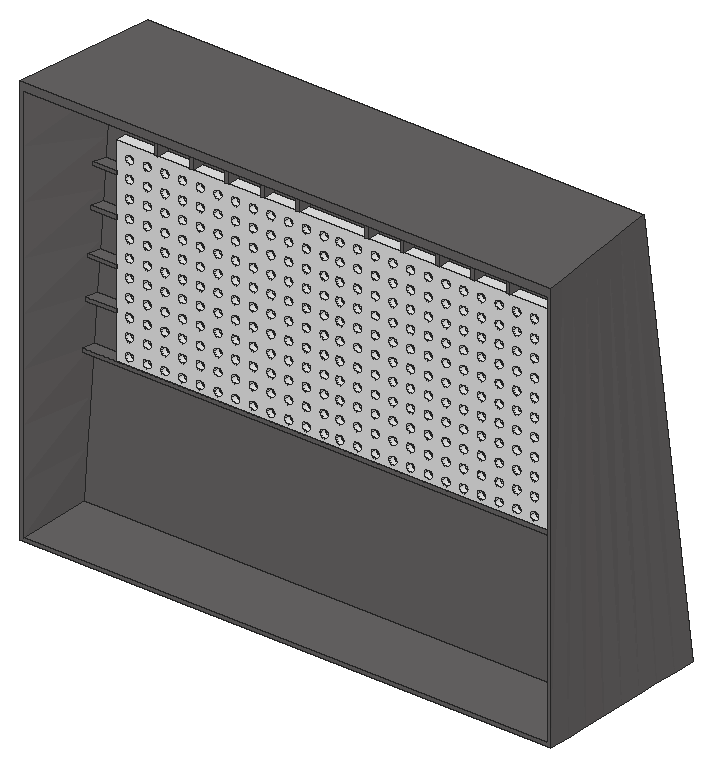
Revit family "RWL2", category Lighting Fixtures, host Face, Revit 2014
Parameters (values of type "RWL2")
  zz Length 2 = 23.70"
  zz Length 1 = 23.70"
  Watts = 109 W
  Wattage = 109 W
  Warranty = "Five year warranty"  # constant formula
  built-in parameter 1150110 = 1 (stored number, unit not read)
  Voltage = 120 V
  built-in parameter 1114217 = 1 (stored number, unit not read)
  Tilt Angle = 60.00°
  built-in parameter 1150109 = 1 (stored number, unit not read)
  built-in parameter 1150134 = 3
  built-in parameter 1150113 = 1 (stored number, unit not read)
  Power Factor = 1
  Photometric Web Link = "https://www.hubbell.com/hubbelllightingci/en/Products/Lighting-Controls/Commercial-Outdoor-Lighting/Wall-Mount/RWL2-Ratio/p/7823705#prod-photometry-section"
  Photometric Web File = "RWL2-160L-115-3K7-2.ies"
  Photometric Note = "For more Photometrics Please vist above Link"  # constant formula
  built-in parameter 1150105 = 1127.6 (stored number, unit not read)
  Lumens = 14170 lm
  built-in parameter 1150115 = 1 (stored number, unit not read)
  built-in parameter 1150137 = (empty or 0)
  built-in parameter 1150139 = (empty or 0)
  built-in parameter 1150112 = 1 (stored number, unit not read)
  built-in parameter 1150114 = 1 (stored number, unit not read)
  built-in parameter 1150132 = (empty or 0)
  built-in parameter 1150102 = (empty or 0)
  built-in parameter 1150107 = 3200 (stored number, unit not read)
  built-in parameter 1150138 = (empty or 0)
  built-in parameter 1150106 = 11.276 (stored number, unit not read)
  Housing = Paint - Hubbell - Textured Camera Black
  Features = "Mid-size for mounting heights up to 25ft and spacing up to 100ft\r\nFeaturing Micro Strike Optics which maximizes target zone illumination with minimal losses at the house-side,reducing light trespass issues.\r\nVisual comfort standard\r\nMicro Strike optics in Type 2, 3, and 4W distributions\r\nMatching rectilinear form to the Ratio Family\r\nVersatile mounting for multiple lighting applications\r\nLarge variety of wattages to target specific lumen outputs\r\nControl options including photo control, occupancy sensing,NX Distributed Intelligence™ and 7-Pin with networked controls"  # constant formula
  Load Classification = Lighting
  Wattage Comments = "46W to 157W"  # constant formula
  URL = "https://www.hubbell.com/hubbelllightingci/en/Products/Lighting-Controls/Commercial-Indoor-Lighting"
  Product Page URL = "https://www.hubbell.com/hubbelllightingci/en/Products/Lighting-Controls/Commercial-Outdoor-Lighting/Wall-Mount/RWL2-Ratio/p/7823705"
  Product Documentation Link = "https://hubbellcdn.com/specsheet/Ratio_Wall_Spec_Sheet.pdf"
  Model = "RWL2"  # constant formula
  Manufacturer = "Hubbell Outdoor Lighting"  # constant formula
  Lamp = "LED Lamp"  # constant formula
  Opal lens = Hubbell - White Glass
  built-in parameter 1150104 = 12.077 (stored number, unit not read)
  Dimming Lamp Color Temperature Shift = <None>
  Description = "RWL2 Ratio"  # constant formula
  Default Elevation = 48.00"
  Copyright = "© 2021 Hubbell Lighting"  # constant formula
  Contact us = "https://www.hubbell.com/hubbelllightingci/en/contactUs"
  Material Finish = Paint  - Hubbell - White
  Color Filter = 16777215
  built-in parameter 1114218 = 1 (stored number, unit not read)
  built-in parameter 1150133 = 10 (stored number, unit not read)
  Assembly Code = "D5020200"
  Apparent Load = Watts / Power Factor  # 109 VA
Reference planes (in)
  plane 1 "Center (Front/Back)": y = 13.01342
  plane 2: z = 0
  plane 3 "Center (Left/Right)": x = 0
  plane 4: z = 0.25
  plane 5: z = 0.125
  plane 6: z = -0.375
  plane 7: z = -2.25
  plane 8: x = 7.49844
  plane 9: x = -7.49844
  plane 10: x = -6.99844
  plane 11: x = 6.99844
  plane 12: y = 18.01342
  plane 13: y = 16.91342
  plane 14: z = 11.625
Forms (in)
  Blend 1, solid, material "Paint - Hubbell - Textured Camera Black" <- "Housing"
    base sketch origin (0, 0, 0) x (1, 0, 0) y (0, 1, 0)
      loop
        line (-7.49844, 13.01342) -> (7.49844, 13.01342) -> (7.49844, 18.01342) -> (-7.49844, 18.01342) -> (-7.49844, 13.01342)
    top sketch origin (0, 0, 0) x (1, 0, 0) y (0, 1, 0)
      loop
        line (-7.49844, 13.01342) -> (7.49844, 13.01342) -> (6.99844, 16.91342) -> (-6.99844, 16.91342) -> (-7.49844, 13.01342)
    from 0 to 11.625
  Blend 2, void
    base sketch origin (0, 13.01342, 0) x (1, 0, 0) y (0, 0, 1)
      loop
        line (-7.39844, 0.1) -> (7.39844, 0.1) -> (7.39844, 11.4) -> (-7.39844, 11.4) -> (-7.39844, 0.1)
    top sketch origin (0, 13.01342, 0) x (1, 0, 0) y (0, 0, 1)
      loop
        line (7.29844, 0.2) -> (6.5441, 10.9875) -> (-6.5441, 10.9875) -> (-7.29844, 0.2) -> (7.29844, 0.2)
    from 0 to -2
  Extrusion 3, solid, material "Paint - Hubbell - Textured Camera Black" <- "Housing"
    sketch origin (0, 13.01342, 3.75) x (1, 0, 0) y (0, 0, 1)
      loop
        line (-7.21949, 0.43393) -> (7.22447, 0.43393) -> (7.22447, 0.552) -> (-7.21949, 0.552) -> (-7.21949, 0.43393)
      loop
        line (-7.21949, 1.76647) -> (-6.08803, 1.76647) -> (-6.08803, 1.87117) -> (-7.21949, 1.87117) -> (-7.21949, 1.76647)
      loop
        line (-7.21949, 4.14147) -> (-6.08803, 4.14147) -> (-6.08803, 4.24617) -> (-7.21949, 4.24617) -> (-7.21949, 4.14147)
      loop
        line (-5.02713, 7.27642) -> (-5.02713, 6.14496) -> (-4.92243, 6.14496) -> (-4.92243, 7.27642) -> (-5.02713, 7.27642)
      loop
        line (-7.21949, 2.89147) -> (-6.08803, 2.89147) -> (-6.08803, 2.99617) -> (-7.21949, 2.99617) -> (-7.21949, 2.89147)
      loop
        line (-7.21949, 5.26647) -> (-6.08803, 5.26647) -> (-6.08803, 5.37117) -> (-7.21949, 5.37117) -> (-7.21949, 5.26647)
      loop
        line (-4.02713, 7.27642) -> (-4.02713, 6.14496) -> (-3.92243, 6.14496) -> (-3.92243, 7.27642) -> (-4.02713, 7.27642)
      loop
        line (-3.02713, 7.27642) -> (-3.02713, 6.14496) -> (-2.92243, 6.14496) -> (-2.92243, 7.27642) -> (-3.02713, 7.27642)
      loop
        line (-2.02713, 7.27642) -> (-2.02713, 6.14496) -> (-1.92243, 6.14496) -> (-1.92243, 7.27642) -> (-2.02713, 7.27642)
      loop
        line (-1.02713, 7.27642) -> (-1.02713, 6.14496) -> (-0.92243, 6.14496) -> (-0.92243, 7.27642) -> (-1.02713, 7.27642)
      loop
        line (4.02713, 7.27642) -> (3.92243, 7.27642) -> (3.92243, 6.14496) -> (4.02713, 6.14496) -> (4.02713, 7.27642)
      loop
        line (3.02713, 7.27642) -> (2.92243, 7.27642) -> (2.92243, 6.14496) -> (3.02713, 6.14496) -> (3.02713, 7.27642)
      loop
        line (2.02713, 7.27642) -> (1.92243, 7.27642) -> (1.92243, 6.14496) -> (2.02713, 6.14496) -> (2.02713, 7.27642)
      loop
        line (1.02713, 7.27642) -> (0.92243, 7.27642) -> (0.92243, 6.14496) -> (1.02713, 6.14496) -> (1.02713, 7.27642)
      loop
        line (5.02713, 7.27642) -> (4.92243, 7.27642) -> (4.92243, 6.14496) -> (5.02713, 6.14496) -> (5.02713, 7.27642)
      loop
        line (7.21949, 1.76647) -> (7.21949, 1.87117) -> (6.08803, 1.87117) -> (6.08803, 1.76647) -> (7.21949, 1.76647)
      loop
        line (7.21949, 4.14147) -> (7.21949, 4.24617) -> (6.08803, 4.24617) -> (6.08803, 4.14147) -> (7.21949, 4.14147)
      loop
        line (7.21949, 2.89147) -> (7.21949, 2.99617) -> (6.08803, 2.99617) -> (6.08803, 2.89147) -> (7.21949, 2.89147)
      loop
        line (7.21949, 5.26647) -> (7.21949, 5.37117) -> (6.08803, 5.37117) -> (6.08803, 5.26647) -> (7.21949, 5.26647)
    from -1.65482 to -2
  Extrusion 4, solid, material "Paint  - Hubbell - White" <- "Material Finish"
    sketch origin (0, 13.01342, 3.5) x (1, 0, 0) y (0, 0, 1)
      loop
        line (-6.0993, 0.802) -> (6.08803, 0.802) -> (6.08803, 6.39147) -> (-6.0993, 6.39147) -> (-6.0993, 0.802)
    from -2 to -1.65482
  Extrusion 5, void
    sketch origin (0, 13.01342, 3.5) x (1, 0, 0) y (0, 0, 1)
      loop
        circle (-5.72244, 6.02759) r 0.12
      loop
        circle (-5.72244, 5.52759) r 0.12
      loop
        circle (-5.72244, 5.02759) r 0.12
      loop
        circle (-5.72244, 4.52759) r 0.12
      loop
        circle (-5.72244, 4.02759) r 0.12
      loop
        circle (-5.72244, 3.52759) r 0.12
      loop
        circle (-5.72244, 3.02759) r 0.12
      loop
        circle (-5.22244, 6.02759) r 0.12
      loop
        circle (-5.22244, 5.52759) r 0.12
      loop
        circle (-5.22244, 5.02759) r 0.12
      loop
        circle (-5.22244, 4.52759) r 0.12
      loop
        circle (-5.22244, 4.02759) r 0.12
      loop
        circle (-5.22244, 3.52759) r 0.12
      loop
        circle (-5.22244, 3.02759) r 0.12
      loop
        circle (-4.72244, 6.02759) r 0.12
      loop
        circle (-4.72244, 5.52759) r 0.12
      loop
        circle (-4.72244, 5.02759) r 0.12
      loop
        circle (-4.72244, 4.52759) r 0.12
      loop
        circle (-4.72244, 4.02759) r 0.12
      loop
        circle (-4.72244, 3.52759) r 0.12
      loop
        circle (-4.72244, 3.02759) r 0.12
      loop
        circle (-4.22244, 6.02759) r 0.12
      loop
        circle (-4.22244, 5.52759) r 0.12
      loop
        circle (-4.22244, 5.02759) r 0.12
      loop
        circle (-4.22244, 4.52759) r 0.12
      loop
        circle (-4.22244, 4.02759) r 0.12
      loop
        circle (-4.22244, 3.52759) r 0.12
      loop
        circle (-4.22244, 3.02759) r 0.12
      loop
        circle (-3.72244, 6.02759) r 0.12
      loop
        circle (-3.72244, 5.52759) r 0.12
      loop
        circle (-3.72244, 5.02759) r 0.12
      loop
        circle (-3.72244, 4.52759) r 0.12
      loop
        circle (-3.72244, 4.02759) r 0.12
      loop
        circle (-3.72244, 3.52759) r 0.12
      loop
        circle (-3.72244, 3.02759) r 0.12
      loop
        circle (-3.22244, 6.02759) r 0.12
      loop
        circle (-3.22244, 5.52759) r 0.12
      loop
        circle (-3.22244, 5.02759) r 0.12
      loop
        circle (-3.22244, 4.52759) r 0.12
      loop
        circle (-3.22244, 4.02759) r 0.12
      loop
        circle (-3.22244, 3.52759) r 0.12
      loop
        circle (-3.22244, 3.02759) r 0.12
      loop
        circle (-2.72244, 6.02759) r 0.12
      loop
        circle (-2.72244, 5.52759) r 0.12
      loop
        circle (-2.72244, 5.02759) r 0.12
      loop
        circle (-2.72244, 4.52759) r 0.12
      loop
        circle (-2.72244, 4.02759) r 0.12
      loop
        circle (-2.72244, 3.52759) r 0.12
      loop
        circle (-2.72244, 3.02759) r 0.12
      loop
        circle (-2.22244, 6.02759) r 0.12
      loop
        circle (-2.22244, 5.52759) r 0.12
      loop
        circle (-2.22244, 5.02759) r 0.12
      loop
        circle (-2.22244, 4.52759) r 0.12
      loop
        circle (-2.22244, 4.02759) r 0.12
      loop
        circle (-2.22244, 3.52759) r 0.12
      loop
        circle (-2.22244, 3.02759) r 0.12
      loop
        circle (-1.72244, 6.02759) r 0.12
      loop
        circle (-1.72244, 5.52759) r 0.12
      loop
        circle (-1.72244, 5.02759) r 0.12
      loop
        circle (-1.72244, 4.52759) r 0.12
      loop
        circle (-1.72244, 4.02759) r 0.12
      loop
        circle (-1.72244, 3.52759) r 0.12
      loop
        circle (-1.72244, 3.02759) r 0.12
      loop
        circle (-1.22244, 6.02759) r 0.12
      loop
        circle (-1.22244, 5.52759) r 0.12
      loop
        circle (-1.22244, 5.02759) r 0.12
      loop
        circle (-1.22244, 4.52759) r 0.12
      loop
        circle (-1.22244, 4.02759) r 0.12
      loop
        circle (-1.22244, 3.52759) r 0.12
      loop
        circle (-1.22244, 3.02759) r 0.12
      loop
        circle (-0.72244, 6.02759) r 0.12
      loop
        circle (-0.72244, 5.52759) r 0.12
      loop
        circle (-0.72244, 5.02759) r 0.12
      loop
        circle (-0.72244, 4.52759) r 0.12
      loop
        circle (-0.72244, 4.02759) r 0.12
      loop
        circle (-0.72244, 3.52759) r 0.12
      loop
        circle (-0.72244, 3.02759) r 0.12
      loop
        circle (-0.22244, 6.02759) r 0.12
      loop
        circle (-0.22244, 5.52759) r 0.12
      loop
        circle (-0.22244, 5.02759) r 0.12
      loop
        circle (-0.22244, 4.52759) r 0.12
      loop
        circle (-0.22244, 4.02759) r 0.12
      loop
        circle (-0.22244, 3.52759) r 0.12
      loop
        circle (-0.22244, 3.02759) r 0.12
      loop
        circle (5.72244, 6.02759) r 0.12
      loop
        circle (5.72244, 5.52759) r 0.12
      loop
        circle (5.72244, 5.02759) r 0.12
      loop
        circle (5.72244, 4.52759) r 0.12
      loop
        circle (5.72244, 4.02759) r 0.12
      loop
        circle (5.72244, 3.52759) r 0.12
      loop
        circle (5.72244, 3.02759) r 0.12
      loop
        circle (5.22244, 6.02759) r 0.12
      loop
        circle (5.22244, 5.52759) r 0.12
      loop
        circle (5.22244, 5.02759) r 0.12
      loop
        circle (5.22244, 4.52759) r 0.12
      loop
        circle (5.22244, 4.02759) r 0.12
      loop
        circle (5.22244, 3.52759) r 0.12
      loop
        circle (5.22244, 3.02759) r 0.12
      loop
        circle (4.72244, 6.02759) r 0.12
      loop
        circle (4.72244, 5.52759) r 0.12
      loop
        circle (4.72244, 5.02759) r 0.12
      loop
        circle (4.72244, 4.52759) r 0.12
      loop
        circle (4.72244, 4.02759) r 0.12
      loop
        circle (4.72244, 3.52759) r 0.12
      loop
        circle (4.72244, 3.02759) r 0.12
      loop
        circle (4.22244, 6.02759) r 0.12
      loop
        circle (4.22244, 5.52759) r 0.12
      loop
        circle (4.22244, 5.02759) r 0.12
      loop
        circle (4.22244, 4.52759) r 0.12
      loop
        circle (4.22244, 4.02759) r 0.12
      loop
        circle (4.22244, 3.52759) r 0.12
      loop
        circle (4.22244, 3.02759) r 0.12
      loop
        circle (3.72244, 6.02759) r 0.12
      loop
        circle (3.72244, 5.52759) r 0.12
      loop
        circle (3.72244, 5.02759) r 0.12
      loop
        circle (3.72244, 4.52759) r 0.12
      loop
        circle (3.72244, 4.02759) r 0.12
      loop
        circle (3.72244, 3.52759) r 0.12
      loop
        circle (3.72244, 3.02759) r 0.12
      loop
        circle (3.22244, 6.02759) r 0.12
      loop
        circle (3.22244, 5.52759) r 0.12
      loop
        circle (3.22244, 5.02759) r 0.12
      loop
        circle (3.22244, 4.52759) r 0.12
      loop
        circle (3.22244, 4.02759) r 0.12
      loop
        circle (3.22244, 3.52759) r 0.12
      loop
        circle (3.22244, 3.02759) r 0.12
      loop
        circle (2.72244, 6.02759) r 0.12
      loop
        circle (2.72244, 5.52759) r 0.12
      loop
        circle (2.72244, 5.02759) r 0.12
      loop
        circle (2.72244, 4.52759) r 0.12
      loop
        circle (2.72244, 4.02759) r 0.12
      loop
        circle (2.72244, 3.52759) r 0.12
      loop
        circle (2.72244, 3.02759) r 0.12
      loop
        circle (2.22244, 6.02759) r 0.12
      loop
        circle (2.22244, 5.52759) r 0.12
      loop
        circle (2.22244, 5.02759) r 0.12
      loop
        circle (2.22244, 4.52759) r 0.12
      loop
        circle (2.22244, 4.02759) r 0.12
      loop
        circle (2.22244, 3.52759) r 0.12
      loop
        circle (2.22244, 3.02759) r 0.12
      loop
        circle (1.72244, 6.02759) r 0.12
      loop
        circle (1.72244, 5.52759) r 0.12
      loop
        circle (1.72244, 5.02759) r 0.12
      loop
        circle (1.72244, 4.52759) r 0.12
      loop
        circle (1.72244, 4.02759) r 0.12
      loop
        circle (1.72244, 3.52759) r 0.12
      loop
        circle (1.72244, 3.02759) r 0.12
      loop
        circle (1.22244, 6.02759) r 0.12
      loop
        circle (1.22244, 5.52759) r 0.12
      loop
        circle (1.22244, 5.02759) r 0.12
      loop
        circle (1.22244, 4.52759) r 0.12
      loop
        circle (1.22244, 4.02759) r 0.12
      loop
        circle (1.22244, 3.52759) r 0.12
      loop
        circle (1.22244, 3.02759) r 0.12
      loop
        circle (0.72244, 6.02759) r 0.12
      loop
        circle (0.72244, 5.52759) r 0.12
      loop
        circle (0.72244, 5.02759) r 0.12
      loop
        circle (0.72244, 4.52759) r 0.12
      loop
        circle (0.72244, 4.02759) r 0.12
      loop
        circle (0.72244, 3.52759) r 0.12
      loop
        circle (0.72244, 3.02759) r 0.12
      loop
        circle (0.22244, 6.02759) r 0.12
      loop
        circle (0.22244, 5.52759) r 0.12
      loop
        circle (0.22244, 5.02759) r 0.12
      loop
        circle (0.22244, 4.52759) r 0.12
      loop
        circle (0.22244, 4.02759) r 0.12
      loop
        circle (0.22244, 3.52759) r 0.12
      loop
        circle (0.22244, 3.02759) r 0.12
      loop
        circle (-5.72244, 2.52759) r 0.12
      loop
        circle (-5.72244, 2.02759) r 0.12
      loop
        circle (-5.72244, 1.52759) r 0.12
      loop
        circle (-5.72244, 1.02759) r 0.12
      loop
        circle (-5.22244, 2.52759) r 0.12
      loop
        circle (-5.22244, 2.02759) r 0.12
      loop
        circle (-5.22244, 1.52759) r 0.12
      loop
        circle (-5.22244, 1.02759) r 0.12
      loop
        circle (-4.72244, 2.52759) r 0.12
      loop
        circle (-4.72244, 2.02759) r 0.12
      loop
        circle (-4.72244, 1.52759) r 0.12
      loop
        circle (-4.72244, 1.02759) r 0.12
      loop
        circle (-4.22244, 2.52759) r 0.12
      loop
        circle (-4.22244, 2.02759) r 0.12
      loop
        circle (-4.22244, 1.52759) r 0.12
      loop
        circle (-4.22244, 1.02759) r 0.12
      loop
        circle (-3.72244, 2.52759) r 0.12
      loop
        circle (-3.72244, 2.02759) r 0.12
      loop
        circle (-3.72244, 1.52759) r 0.12
      loop
        circle (-3.72244, 1.02759) r 0.12
      loop
        circle (-3.22244, 2.52759) r 0.12
      loop
        circle (-3.22244, 2.02759) r 0.12
      loop
        circle (-3.22244, 1.52759) r 0.12
      loop
        circle (-3.22244, 1.02759) r 0.12
      loop
        circle (-2.72244, 2.52759) r 0.12
      loop
        circle (-2.72244, 2.02759) r 0.12
      loop
        circle (-2.72244, 1.52759) r 0.12
      loop
        circle (-2.72244, 1.02759) r 0.12
      loop
        circle (-2.22244, 2.52759) r 0.12
      loop
        circle (-2.22244, 2.02759) r 0.12
      loop
        circle (-2.22244, 1.52759) r 0.12
      loop
        circle (-2.22244, 1.02759) r 0.12
      loop
        circle (-1.72244, 2.52759) r 0.12
      loop
        circle (-1.72244, 2.02759) r 0.12
      loop
        circle (-1.72244, 1.52759) r 0.12
      loop
        circle (-1.72244, 1.02759) r 0.12
      loop
        circle (-1.22244, 2.52759) r 0.12
      loop
        circle (-1.22244, 2.02759) r 0.12
      loop
        circle (-1.22244, 1.52759) r 0.12
      loop
        circle (-1.22244, 1.02759) r 0.12
      loop
        circle (-0.72244, 2.52759) r 0.12
      loop
        circle (-0.72244, 2.02759) r 0.12
      loop
        circle (-0.72244, 1.52759) r 0.12
      loop
        circle (-0.72244, 1.02759) r 0.12
      loop
        circle (-0.22244, 2.52759) r 0.12
      loop
        circle (-0.22244, 2.02759) r 0.12
      loop
        circle (-0.22244, 1.52759) r 0.12
      loop
        circle (-0.22244, 1.02759) r 0.12
      loop
        circle (5.72244, 2.52759) r 0.12
      loop
        circle (5.72244, 2.02759) r 0.12
      loop
        circle (5.72244, 1.52759) r 0.12
      loop
        circle (5.72244, 1.02759) r 0.12
      loop
        circle (5.22244, 2.52759) r 0.12
      loop
        circle (5.22244, 2.02759) r 0.12
      loop
        circle (5.22244, 1.52759) r 0.12
      loop
        circle (5.22244, 1.02759) r 0.12
      loop
        circle (4.72244, 2.52759) r 0.12
      loop
        circle (4.72244, 2.02759) r 0.12
      loop
        circle (4.72244, 1.52759) r 0.12
      loop
        circle (4.72244, 1.02759) r 0.12
      loop
        circle (4.22244, 2.52759) r 0.12
      loop
        circle (4.22244, 2.02759) r 0.12
      loop
        circle (4.22244, 1.52759) r 0.12
      loop
        circle (4.22244, 1.02759) r 0.12
      loop
        circle (3.72244, 2.52759) r 0.12
      loop
        circle (3.72244, 2.02759) r 0.12
      loop
        circle (3.72244, 1.52759) r 0.12
      loop
        circle (3.72244, 1.02759) r 0.12
      loop
        circle (3.22244, 2.52759) r 0.12
      loop
        circle (3.22244, 2.02759) r 0.12
      loop
        circle (3.22244, 1.52759) r 0.12
      loop
        circle (3.22244, 1.02759) r 0.12
      loop
        circle (2.72244, 2.52759) r 0.12
      loop
        circle (2.72244, 2.02759) r 0.12
      loop
        circle (2.72244, 1.52759) r 0.12
      loop
        circle (2.72244, 1.02759) r 0.12
      loop
        circle (2.22244, 2.52759) r 0.12
      loop
        circle (2.22244, 2.02759) r 0.12
      loop
        circle (2.22244, 1.52759) r 0.12
      loop
        circle (2.22244, 1.02759) r 0.12
      loop
        circle (1.72244, 2.52759) r 0.12
      loop
        circle (1.72244, 2.02759) r 0.12
      loop
        circle (1.72244, 1.52759) r 0.12
      loop
        circle (1.72244, 1.02759) r 0.12
      loop
        circle (1.22244, 2.52759) r 0.12
      loop
        circle (1.22244, 2.02759) r 0.12
      loop
        circle (1.22244, 1.52759) r 0.12
      loop
        circle (1.22244, 1.02759) r 0.12
      loop
        circle (0.72244, 2.52759) r 0.12
      loop
        circle (0.72244, 2.02759) r 0.12
      loop
        circle (0.72244, 1.52759) r 0.12
      loop
        circle (0.72244, 1.02759) r 0.12
      loop
        circle (0.22244, 2.52759) r 0.12
      loop
        circle (0.22244, 2.02759) r 0.12
      loop
        circle (0.22244, 1.52759) r 0.12
      loop
        circle (0.22244, 1.02759) r 0.12
    from -1.81113 to -1.65482
Cuts and joins
  Blend 2 cuts Blend 1
  Extrusion 5 cuts Extrusion 4
Dimensions and locks (in)
  locked: plane 4 to plane 2 at 0.25
  locked: plane 5 to plane 2 at 0.125
  equal spacing: plane 8, plane 3 "Center (Left/Right)", plane 9
  plane 8 to plane 9 = 14.99688"
  equal spacing: plane 11, plane 3 "Center (Left/Right)", plane 10
  plane 11 to plane 10 = 13.99688"
  plane 12 to plane 1 "Center (Front/Back)" = 5.00"
  plane 13 to plane 1 "Center (Front/Back)" = 3.90"
  aligned and locked: plane 2 to host face
  aligned and locked: level to host face
Automatic sketch dimensions
  host sketch curve to host sketch curve = 96.00"  (x2)
  Blend 1 sketch curve to plane 9 = 0.00"  (x2)
  Blend 1 sketch curve to plane 8 = 0.00"  (x2)
  plane 1 "Center (Front/Back)" to Blend 1 sketch curve = 0.00"  (x2)
  plane 12 to Blend 1 sketch curve = 0.00"
  Blend 1 sketch curve to plane 10 = 0.00"
  Blend 1 sketch curve to plane 11 = 0.00"
  plane 13 to Blend 1 sketch curve = 0.00"
  plane 9 to Blend 2 sketch curve = 0.10"
  Blend 2 sketch curve to plane 8 = 0.10"
  Blend 2 sketch curve to plane 5 = 0.025"
  plane 4 to Blend 2 sketch curve = 11.15"
  Blend 2 sketch curve to plane 4 = 0.05"
  plane 9 to Blend 2 sketch curve = 0.20"
  plane 10 to Blend 2 sketch curve = 0.45434"
  Blend 2 sketch curve to plane 11 = 0.45434"
  Blend 2 sketch curve to plane 8 = 0.20"
  plane 4 to Blend 2 sketch curve = 10.7375"
  plane 10 to Extrusion 4 sketch curve = 0.89913"
  Extrusion 4 sketch curve to plane 11 = 0.91041"
  plane 4 to Extrusion 4 sketch curve = 4.052"
  Extrusion 4 sketch curve to Extrusion 4 sketch curve = 5.58947"
  plane 10 to Extrusion 5 sketch curve = 1.276"
  Extrusion 5 sketch curve to Extrusion 5 sketch curve = 0.00"  (x232)
  Extrusion 5 sketch curve to Extrusion 5 sketch curve = 0.50"  (x272)
  Extrusion 5 sketch curve to plane 3 "Center (Left/Right)" = 0.22244"  (x11)
  plane 3 "Center (Left/Right)" to Extrusion 5 sketch curve = 0.22244"  (x11)
  plane 4 to Extrusion 5 sketch curve = 4.27759"
  Extrusion 3 sketch curve to plane 10 = 0.22105"  (x5)
  plane 10 to Extrusion 3 sketch curve = 0.91041"  (x4)
  Extrusion 3 sketch curve to Extrusion 3 sketch curve = 1.06089"
  Extrusion 3 sketch curve to Extrusion 3 sketch curve = 0.1047"  (x18)
  Extrusion 3 sketch curve to Extrusion 3 sketch curve = 0.8953"  (x8)
  plane 3 "Center (Left/Right)" to Extrusion 3 sketch curve = 0.92243"
  Extrusion 3 sketch curve to plane 11 = 0.91041"  (x4)
  plane 11 to Extrusion 3 sketch curve = 0.22105"  (x4)
  plane 11 to Extrusion 3 sketch curve = 0.22603"
  plane 4 to Extrusion 3 sketch curve = 3.93393"
  Extrusion 3 sketch curve to Extrusion 3 sketch curve = 0.11807"
  Extrusion 3 sketch curve to Extrusion 3 sketch curve = 1.21447"  (x2)
  Extrusion 3 sketch curve to Extrusion 3 sketch curve = 1.0203"  (x4)
  Extrusion 3 sketch curve to Extrusion 3 sketch curve = 1.1453"  (x2)
  Extrusion 3 sketch curve to plane 14 = 1.73004"  (x2)
  Extrusion 3 sketch curve to Extrusion 3 sketch curve = 0.77379"
  Extrusion 3 sketch curve to Extrusion 3 sketch curve = 0.00"  (x7)
  Extrusion 3 sketch curve to plane 14 = 0.59858"  (x10)
  radius of Extrusion 5 sketch curve = 0.12"  (x264)
Connectors (in)
  electrical at (0, 17.46342, 5.8125), driven by "Power Factor", driven by "Apparent Load", driven by "Voltage", driven by "Load Classification"
    settings: on cut or joined group of Blend 1, Blend 2, index 1, voltage 120 V, apparent load 109 VA, apparent load phase1 0 VA, apparent load phase2 0 VA, apparent load phase3 0 VA, power factor 1, load classification "Lighting", number of poles 1, system type 30, power factor state 1, is connector primary yes, connector utility no, sub classification motor no, connector description "Light Fixture"
